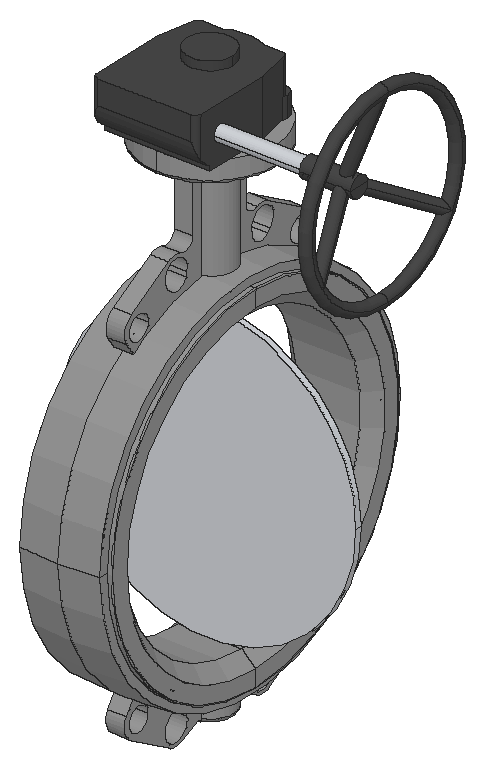
Revit family "Absperr- und Regulierklappe mit Getriebe ZF-4219", category Rohrzubehör, Revit 2020 (continued)
Automatic sketch dimensions
  Extrusion 8 sketch curve to Extrusion 8 sketch curve = 23.065 mm
  Extrusion 8 sketch curve to Extrusion 8 sketch curve = 18.283 mm
  Extrusion 8 sketch curve to Extrusion 8 sketch curve = 1.34 mm  (x2)
  Extrusion 8 sketch curve to Extrusion 8 sketch curve = 29.859 mm
  Extrusion 8 sketch curve to Extrusion 8 sketch curve = 11.576 mm
  Extrusion 8 sketch curve to Extrusion 8 sketch curve = 0.007 mm  (x2)
  Extrusion 8 sketch curve to Extrusion 8 sketch curve = 11.662 mm  (x2)
  Extrusion 8 sketch curve to Extrusion 8 sketch curve = 7.405 mm
  Extrusion 8 sketch curve to Extrusion 8 sketch curve = 9.76 mm  (x2)
  Extrusion 8 sketch curve to Extrusion 8 sketch curve = 46.144 mm
  Extrusion 8 sketch curve to Extrusion 8 sketch curve = 0.006 mm
  Extrusion 8 sketch curve to Extrusion 8 sketch curve = 0.159 mm  (x2)
  Extrusion 8 sketch curve to Extrusion 8 sketch curve = 0.225 mm  (x2)
  Extrusion 8 sketch curve to Extrusion 8 sketch curve = 3.156 mm
  Extrusion 7 sketch curve to Extrusion 7 sketch curve = 0 mm  (x29)
  Extrusion 7 sketch curve to level = 0 mm
  Extrusion 7 sketch curve to plane 1 "Mitte (Vorne/hinten)" = 0 mm
  Extrusion 7 sketch curve to Extrusion 7 sketch curve = 4.987 mm  (x2)
  plane 1 "Mitte (Vorne/hinten)" to Extrusion 7 sketch curve = 42.642 mm
  Extrusion 7 sketch curve to Extrusion 7 sketch curve = 3.28 mm  (x2)
  Extrusion 7 sketch curve to Extrusion 7 sketch curve = 14.935 mm  (x2)
  Extrusion 7 sketch curve to Extrusion 7 sketch curve = 11.589 mm  (x2)
  Extrusion 7 sketch curve to Extrusion 7 sketch curve = 14.868 mm  (x2)
  Extrusion 7 sketch curve to Extrusion 7 sketch curve = 33.628 mm  (x4)
  Extrusion 7 sketch curve to Extrusion 7 sketch curve = 3.946 mm  (x4)
  Extrusion 7 sketch curve to Extrusion 7 sketch curve = 12.021 mm  (x8)
  Extrusion 7 sketch curve to Extrusion 7 sketch curve = 8.075 mm  (x8)
  plane 1 "Mitte (Vorne/hinten)" to Extrusion 7 sketch curve = 21.03 mm
  Extrusion 7 sketch curve to Extrusion 7 sketch curve = 5.5 mm
  Extrusion 7 sketch curve to Extrusion 7 sketch curve = 0.54 mm  (x2)
  Extrusion 7 sketch curve to Extrusion 7 sketch curve = 0.103 mm
  Extrusion 7 sketch curve to Extrusion 7 sketch curve = 1.99 mm  (x2)
  plane 1 "Mitte (Vorne/hinten)" to Extrusion 7 sketch curve = 18.5 mm
  Extrusion 7 sketch curve to plane 1 "Mitte (Vorne/hinten)" = 18.5 mm  (x2)
  Extrusion 7 sketch curve to Extrusion 7 sketch curve = 1.897 mm
  Extrusion 7 sketch curve to Extrusion 7 sketch curve = 2 mm
  Extrusion 7 sketch curve to Extrusion 7 sketch curve = 21.612 mm
  Extrusion 7 sketch curve to level = 59.454 mm  (x2)
  Extrusion 7 sketch curve to Extrusion 7 sketch curve = 10.049 mm  (x4)
  Extrusion 7 sketch curve to Extrusion 7 sketch curve = 20.666 mm  (x2)
  Extrusion 7 sketch curve to Extrusion 7 sketch curve = 1.725 mm  (x2)
  Extrusion 7 sketch curve to Extrusion 7 sketch curve = 12.438 mm  (x4)
  level to Extrusion 7 sketch curve = 59.454 mm  (x2)
  Extrusion 7 sketch curve to Extrusion 7 sketch curve = 15.768 mm  (x2)
  Extrusion 7 sketch curve to Extrusion 7 sketch curve = 0.361 mm  (x2)
  Extrusion 7 sketch curve to Extrusion 7 sketch curve = 69.242 mm
  Extrusion 7 sketch curve to Extrusion 7 sketch curve = 0.014 mm
  Extrusion 7 sketch curve to Extrusion 7 sketch curve = 0.29 mm  (x2)
  Extrusion 6 sketch curve to Extrusion 6 sketch curve = 0 mm  (x31)
  Extrusion 6 sketch curve to level = 0 mm
  Extrusion 6 sketch curve to plane 1 "Mitte (Vorne/hinten)" = 0 mm
  plane 1 "Mitte (Vorne/hinten)" to Extrusion 6 sketch curve = 18.5 mm  (x2)
  Extrusion 6 sketch curve to Extrusion 6 sketch curve = 1.897 mm  (x2)
  Extrusion 6 sketch curve to Extrusion 6 sketch curve = 2 mm
  Extrusion 6 sketch curve to Extrusion 6 sketch curve = 4.154 mm  (x2)
  Extrusion 6 sketch curve to Extrusion 6 sketch curve = 5.603 mm
  Extrusion 6 sketch curve to Extrusion 6 sketch curve = 12 mm  (x2)
  Extrusion 6 sketch curve to Extrusion 6 sketch curve = 21.682 mm  (x2)
  Extrusion 6 sketch curve to Extrusion 6 sketch curve = 2.182 mm  (x2)
  Extrusion 6 sketch curve to Extrusion 6 sketch curve = 11.109 mm  (x4)
  Extrusion 6 sketch curve to Extrusion 6 sketch curve = 30.529 mm  (x4)
  Extrusion 6 sketch curve to Extrusion 6 sketch curve = 4.781 mm  (x4)
  Extrusion 6 sketch curve to Extrusion 6 sketch curve = 1.414 mm  (x8)
  Extrusion 6 sketch curve to Extrusion 6 sketch curve = 7.24 mm  (x8)
  Extrusion 6 sketch curve to Extrusion 6 sketch curve = 12.021 mm  (x8)
  Extrusion 6 sketch curve to plane 1 "Mitte (Vorne/hinten)" = 18.5 mm
  Extrusion 6 sketch curve to Extrusion 6 sketch curve = 7.5 mm
  Extrusion 6 sketch curve to Extrusion 6 sketch curve = 0.103 mm
  Extrusion 6 sketch curve to level = 50.036 mm  (x2)
  Extrusion 6 sketch curve to Extrusion 6 sketch curve = 17.112 mm  (x2)
  Extrusion 6 sketch curve to Extrusion 6 sketch curve = 9.185 mm  (x4)
  Extrusion 6 sketch curve to Extrusion 6 sketch curve = 20.608 mm  (x2)
  Extrusion 6 sketch curve to Extrusion 6 sketch curve = 12.868 mm  (x3)
  Extrusion 6 sketch curve to Extrusion 6 sketch curve = 9.096 mm  (x2)
  level to Extrusion 6 sketch curve = 50.036 mm  (x2)
  Extrusion 6 sketch curve to Extrusion 6 sketch curve = 17 mm
  Extrusion 6 sketch curve to Extrusion 6 sketch curve = 56.845 mm
  Extrusion 6 sketch curve to Extrusion 6 sketch curve = 0.017 mm
  Extrusion 6 sketch curve to Extrusion 6 sketch curve = 0.29 mm  (x2)
  Extrusion 5 sketch curve to Extrusion 5 sketch curve = 0 mm  (x25)
  Extrusion 5 sketch curve to level = 0 mm
  Extrusion 5 sketch curve to plane 1 "Mitte (Vorne/hinten)" = 0 mm
  plane 1 "Mitte (Vorne/hinten)" to Extrusion 5 sketch curve = 18.5 mm  (x2)
  Extrusion 5 sketch curve to Extrusion 5 sketch curve = 0.579 mm  (x2)
  Extrusion 5 sketch curve to Extrusion 5 sketch curve = 1.897 mm  (x2)
  Extrusion 5 sketch curve to Extrusion 5 sketch curve = 0.103 mm
  Extrusion 5 sketch curve to Extrusion 5 sketch curve = 5.603 mm
  Extrusion 5 sketch curve to Extrusion 5 sketch curve = 15.942 mm  (x4)
  Extrusion 5 sketch curve to Extrusion 5 sketch curve = 13 mm  (x2)
  Extrusion 5 sketch curve to Extrusion 5 sketch curve = 11.367 mm  (x4)
  Extrusion 5 sketch curve to Extrusion 5 sketch curve = 25.663 mm  (x4)
  Extrusion 5 sketch curve to Extrusion 5 sketch curve = 4.027 mm  (x4)
  Extrusion 5 sketch curve to Extrusion 5 sketch curve = 12.021 mm  (x5)
  Extrusion 5 sketch curve to Extrusion 5 sketch curve = 9.55 mm  (x4)
  Extrusion 5 sketch curve to Extrusion 5 sketch curve = 7.5 mm
  Extrusion 5 sketch curve to plane 1 "Mitte (Vorne/hinten)" = 18.5 mm  (x2)
  Extrusion 5 sketch curve to Extrusion 5 sketch curve = 2 mm
  Extrusion 5 sketch curve to level = 38.887 mm  (x2)
  Extrusion 5 sketch curve to Extrusion 5 sketch curve = 10.986 mm  (x3)
  Extrusion 5 sketch curve to Extrusion 5 sketch curve = 10.231 mm  (x3)
  Extrusion 5 sketch curve to Extrusion 5 sketch curve = 10.467 mm  (x4)
  Extrusion 5 sketch curve to Extrusion 5 sketch curve = 12.18 mm  (x2)
  Extrusion 5 sketch curve to Extrusion 5 sketch curve = 12.641 mm  (x4)
  Extrusion 5 sketch curve to Extrusion 5 sketch curve = 9.983 mm  (x2)
  level to Extrusion 5 sketch curve = 38.887 mm  (x2)
  Extrusion 5 sketch curve to Extrusion 5 sketch curve = 21.217 mm
  Extrusion 5 sketch curve to Extrusion 5 sketch curve = 16.969 mm  (x2)
  Extrusion 5 sketch curve to Extrusion 5 sketch curve = 51.117 mm
  Extrusion 5 sketch curve to Extrusion 5 sketch curve = 0.01 mm
  Extrusion 5 sketch curve to Extrusion 5 sketch curve = 0.29 mm  (x2)
  level to Extrusion 5 sketch curve = 49.873 mm
  Extrusion 4 sketch curve to Extrusion 4 sketch curve = 0 mm  (x28)
  Extrusion 4 sketch curve to level = 0 mm
  Extrusion 4 sketch curve to plane 1 "Mitte (Vorne/hinten)" = 0 mm
  plane 1 "Mitte (Vorne/hinten)" to Extrusion 4 sketch curve = 18.5 mm  (x2)
  Extrusion 4 sketch curve to Extrusion 4 sketch curve = 1.897 mm  (x2)
  Extrusion 4 sketch curve to Extrusion 4 sketch curve = 0.103 mm  (x2)
  Extrusion 4 sketch curve to Extrusion 4 sketch curve = 5.603 mm  (x2)
  Extrusion 4 sketch curve to Extrusion 4 sketch curve = 12.115 mm  (x4)
  Extrusion 4 sketch curve to Extrusion 4 sketch curve = 9 mm  (x2)
  Extrusion 4 sketch curve to Extrusion 4 sketch curve = 11.39 mm  (x2)
  Extrusion 4 sketch curve to Extrusion 4 sketch curve = 7.005 mm  (x2)
  Extrusion 4 sketch curve to Extrusion 4 sketch curve = 22.772 mm  (x4)
  Extrusion 4 sketch curve to Extrusion 4 sketch curve = 4.597 mm  (x4)
  Extrusion 4 sketch curve to Extrusion 4 sketch curve = 1.485 mm  (x4)
  Extrusion 4 sketch curve to Extrusion 4 sketch curve = 12.021 mm  (x4)
  Extrusion 4 sketch curve to Extrusion 4 sketch curve = 9.247 mm  (x4)
  Extrusion 4 sketch curve to plane 1 "Mitte (Vorne/hinten)" = 18.5 mm  (x2)
  Extrusion 4 sketch curve to level = 31.935 mm  (x2)
  Extrusion 4 sketch curve to Extrusion 4 sketch curve = 1.34 mm  (x4)
  Extrusion 4 sketch curve to Extrusion 4 sketch curve = 10.245 mm  (x4)
  Extrusion 4 sketch curve to Extrusion 4 sketch curve = 9.866 mm  (x4)
  Extrusion 4 sketch curve to Extrusion 4 sketch curve = 9.447 mm  (x4)
  Extrusion 4 sketch curve to Extrusion 4 sketch curve = 11.077 mm  (x4)
  Extrusion 4 sketch curve to Extrusion 4 sketch curve = 11.926 mm  (x2)
  level to Extrusion 4 sketch curve = 31.935 mm  (x2)
  Extrusion 4 sketch curve to Extrusion 4 sketch curve = 12.62 mm  (x2)
  Extrusion 4 sketch curve to Extrusion 4 sketch curve = 12.99 mm  (x2)
  Extrusion 4 sketch curve to Extrusion 4 sketch curve = 41.354 mm
  Extrusion 4 sketch curve to Extrusion 4 sketch curve = 0.018 mm
  Extrusion 4 sketch curve to Extrusion 4 sketch curve = 0.29 mm  (x2)
  Extrusion 3 sketch curve to Extrusion 3 sketch curve = 0 mm  (x23)
  Extrusion 3 sketch curve to level = 0 mm
  Extrusion 3 sketch curve to plane 1 "Mitte (Vorne/hinten)" = 0 mm
  plane 1 "Mitte (Vorne/hinten)" to Extrusion 3 sketch curve = 18 mm
  Extrusion 3 sketch curve to Extrusion 3 sketch curve = 1.897 mm  (x2)
  Extrusion 3 sketch curve to Extrusion 3 sketch curve = 0.103 mm  (x2)
  plane 1 "Mitte (Vorne/hinten)" to Extrusion 3 sketch curve = 22.391 mm
  Extrusion 3 sketch curve to Extrusion 3 sketch curve = 1.414 mm  (x14)
  Extrusion 3 sketch curve to Extrusion 3 sketch curve = 6.103 mm  (x2)
  Extrusion 3 sketch curve to Extrusion 3 sketch curve = 2 mm  (x2)
  Extrusion 3 sketch curve to Extrusion 3 sketch curve = 7.709 mm  (x4)
  Extrusion 3 sketch curve to Extrusion 3 sketch curve = 13.318 mm  (x5)
  Extrusion 3 sketch curve to Extrusion 3 sketch curve = 15.842 mm  (x5)
  Extrusion 3 sketch curve to Extrusion 3 sketch curve = 10.233 mm
  Extrusion 3 sketch curve to Extrusion 3 sketch curve = 3.184 mm  (x7)
  Extrusion 3 sketch curve to Extrusion 3 sketch curve = 6.315 mm  (x8)
  Extrusion 3 sketch curve to Extrusion 3 sketch curve = 3.021 mm  (x4)
  Extrusion 3 sketch curve to Extrusion 3 sketch curve = 5.303 mm  (x8)
  Extrusion 3 sketch curve to level = 23.805 mm  (x2)
  Extrusion 3 sketch curve to Extrusion 3 sketch curve = 3.106 mm  (x6)
  level to Extrusion 3 sketch curve = 23.805 mm  (x2)
  Extrusion 3 sketch curve to Extrusion 3 sketch curve = 6.654 mm  (x4)
  Extrusion 3 sketch curve to Extrusion 3 sketch curve = 9.77 mm  (x4)
  Extrusion 3 sketch curve to plane 1 "Mitte (Vorne/hinten)" = 18 mm
  Extrusion 3 sketch curve to plane 1 "Mitte (Vorne/hinten)" = 22.391 mm
  Extrusion 3 sketch curve to Extrusion 3 sketch curve = 5.708 mm  (x2)
  Extrusion 3 sketch curve to Extrusion 3 sketch curve = 3.131 mm
  level to Extrusion 3 sketch curve = 42.831 mm
  Extrusion 3 sketch curve to Extrusion 3 sketch curve = 4.045 mm
  Extrusion 3 sketch curve to Extrusion 3 sketch curve = 12.379 mm
  Extrusion 3 sketch curve to Extrusion 3 sketch curve = 68.43 mm
  Extrusion 3 sketch curve to Extrusion 3 sketch curve = 0.003 mm
  Extrusion 3 sketch curve to Extrusion 3 sketch curve = 0.316 mm  (x2)
  curve 12 to level = 0 mm
  curve 12 to plane 3 "Mitte (Links/rechts)" = 0 mm
  plane 1 "Mitte (Vorne/hinten)" to curve 6 = 0 mm
  curve 6 to plane 3 "Mitte (Links/rechts)" = 0 mm
  Revolve 1 sketch curve to plane 1 "Mitte (Vorne/hinten)" = 0 mm
  Revolve 1 sketch curve to Revolve 1 sketch curve = 0.987 mm
  Revolve 1 sketch curve to Revolve 1 sketch curve = 1.5 mm  (x4)
  Revolve 1 sketch curve to Revolve 1 sketch curve = 0.513 mm
  Revolve 1 sketch curve to Revolve 1 sketch curve = 0.915 mm  (x2)
  Revolve 1 sketch curve to Revolve 1 sketch curve = 1978.5 mm  (x2)
  Revolve 11 sketch curve to plane 1 "Mitte (Vorne/hinten)" = 0 mm  (x2)
  Revolve 11 sketch curve to Revolve 11 sketch curve = 3 mm
  Revolve 11 sketch curve to Revolve 11 sketch curve = 459.992 mm
  level to Revolve 11 sketch curve = 2741.474 mm
  Revolve 12 sketch curve to plane 1 "Mitte (Vorne/hinten)" = 0 mm  (x3)
  Revolve 12 sketch curve to Revolve 12 sketch curve = 1.895 mm
  Revolve 12 sketch curve to Revolve 12 sketch curve = 2 mm  (x2)
  Revolve 12 sketch curve to Revolve 12 sketch curve = 0.105 mm
  Revolve 12 sketch curve to level = 520.992 mm
  Revolve 12 sketch curve to Revolve 12 sketch curve = 2616.474 mm
  Revolve 13 sketch curve to level = 0 mm
  Revolve 13 sketch curve to Revolve 13 sketch curve = 1.492 mm
  Revolve 13 sketch curve to Revolve 13 sketch curve = 0.18 mm  (x2)
  Revolve 13 sketch curve to Revolve 13 sketch curve = 5.027 mm
  Revolve 13 sketch curve to Revolve 13 sketch curve = 1 mm
  Revolve 13 sketch curve to Revolve 13 sketch curve = 0.999 mm  (x2)
  Revolve 13 sketch curve to Revolve 13 sketch curve = 0.27 mm
  Revolve 13 sketch curve to Revolve 13 sketch curve = 0.957 mm
  Revolve 13 sketch curve to Revolve 13 sketch curve = 1328.99 mm
  Revolve 13 sketch curve to Revolve 13 sketch curve = 1875.983 mm
  Extrusion 14 sketch curve to level = 0 mm
  Extrusion 14 sketch curve to plane 3 "Mitte (Links/rechts)" = 0 mm
  radius of Extrusion 10 sketch curve = 12 mm  (x4)
  radius of Extrusion 9 sketch curve = 9.5 mm  (x4)
  radius of Extrusion 9 sketch curve = 14 mm  (x4)
  radius of Extrusion 7 sketch curve = 11.5 mm  (x4)
  radius of Extrusion 7 sketch curve = 9.5 mm  (x4)
  radius of Extrusion 6 sketch curve = 9.5 mm  (x8)
  radius of Extrusion 5 sketch curve = 9.5 mm  (x8)
  radius of Extrusion 4 sketch curve = 9.5 mm  (x8)
  radius of curve 12 = 7 mm
  radius of curve 6 = 5 mm
Nested families
  nested 1: "Herz-Logo-vorne" at (-23, 0, 197.5), type "Herz-Logo-vorne"
  nested 2: "Getriebe für Klappe DN50-DN200" at (0, 0, 125), visible <- "DN 50", type "Getriebe für Klappe DN50-DN200"
  nested 3: "Getriebe für Klappe DN50-DN200" at (0, 0, 149.5), visible <- "DN 65", type "Getriebe für Klappe DN50-DN200"
  nested 4: "Getriebe für Klappe DN50-DN200" at (0, 0, 156.5), visible <- "DN 80", type "Getriebe für Klappe DN50-DN200"
  nested 5: "Getriebe für Klappe DN50-DN200" at (0, 0, 182), visible <- "DN100", type "Getriebe für Klappe DN50-DN200"
  nested 6: "Getriebe für Klappe DN50-DN200" at (0, 0, 201), visible <- "DN125", type "Getriebe für Klappe DN50-DN200"
  nested 7: "Getriebe für Klappe DN50-DN200" at (0, 0, 214), visible <- "DN150", type "Getriebe für Klappe DN50-DN200"
  nested 8: "Getriebe für Klappe DN50-DN200" at (0, 0, 245), visible <- "DN200", type "Getriebe für Klappe DN50-DN200"
  nested 9: "Getriebe für Klappe DN250-DN300" at (0, 0, 283), visible <- "DN250", type "Getriebe für Klappe DN250-DN300"
  nested 10: "Getriebe für Klappe DN250-DN300" at (0, 0, 308), visible <- "DN300", type "Getriebe für Klappe DN250-DN300"
Connectors
  piping at (44.7, 0, 0), diameter 300, driven by "Nennweite"
    settings: on Revolve 13, index 1, connector inside diameter 609.6 mm, connector length 0 mm, flow factor 0, pipe flow 0.0 L/s, pressure drop 0.0 Pa, fitting loss kfactor 0, connector angle 0.00°, fixture units 0, engagement length 0 mm, angle of deflection 0.00°, flow configuration 0, flow direction 0, fitting loss method 0, system type 29, joint type 0, gender type 0, connector reference index -1, connector utility 0, adjustable connector no, is connector primary yes, connector description ""
  piping at (-44.7, 0, 0), diameter 300, driven by "Nennweite"
    settings: on Revolve 13, index 2, connector inside diameter 609.6 mm, connector length 0 mm, flow factor 0, pipe flow 0.0 L/s, pressure drop 0.0 Pa, fitting loss kfactor 0, connector angle 0.00°, fixture units 0, engagement length 0 mm, angle of deflection 0.00°, flow configuration 0, flow direction 0, fitting loss method 0, system type 29, joint type 0, gender type 0, connector reference index -1, connector utility 0, adjustable connector no, is connector primary no, connector description ""
Definition of nested family "Herz-Logo-vorne"
  Parameters (values of type "Herz-Logo-vorne")
    Default Elevation = 0 mm
  Reference planes
    plane 1 "Mitte (Vorne/hinten)": y = 0
    plane 2: z = 0
    plane 3 "Mitte (Links/rechts)": x = 0
  Forms (mm)
    Extrusion 1, solid
      sketch origin (0.732, -0.018, 0.017) x (0, -1, 0) y (0, 0, 1)
        loop
          line (-0.018, -4.517) -> (4.482, -4.517) -> (4.482, 4.483) -> (-4.518, 4.483) -> (-4.518, -4.517) -> (-0.018, -4.517)
        loop
          line (-0.05, -3.48) -> (3.482, -3.48) -> (3.482, 3.483) -> (-3.518, 3.483) -> (-3.518, -3.48) -> (-0.05, -3.48)
        loop
          arc (-0.018, 2.383) -> (-1.543, 3.287) -> (-3.067, 2.383) r 1.738
          arc (-3.067, 2.383) -> (-3.191, 1.899) -> (-3.067, 1.415) r 1.009
          line (-3.067, 1.415) -> (-0.018, -3.281) -> (3.032, 1.415)
          arc (3.032, 1.415) -> (3.156, 1.899) -> (3.032, 2.383) r 1.009
          arc (3.032, 2.383) -> (1.507, 3.287) -> (-0.018, 2.383) r 1.738
        loop
          arc (1.885, 1.272) -> (2.005, 1.675) -> (1.885, 2.079) r 0.74
          arc (1.885, 2.079) -> (1.265, 2.416) -> (0.644, 2.079) r 0.74
          line (0.644, 2.079) -> (-0.018, 0.97) -> (-0.679, 2.079)
          arc (-0.679, 2.079) -> (-1.3, 2.416) -> (-1.921, 2.079) r 0.74
          arc (-1.921, 2.079) -> (-2.04, 1.675) -> (-1.921, 1.272) r 0.74
          line (-1.921, 1.272) -> (-0.018, -1.658) -> (1.885, 1.272)
      from 0 to 1.5
  Dimensions and locks
    aligned and locked: level to plane 2
Definition of nested family "Getriebe für Klappe DN50-DN200"
  Parameters (values of type "Getriebe für Klappe DN50-DN200")
    W01 = 11.19°  # constant formula
    Default Elevation = 0 mm
    URL = "www.herz-armaturen.at"
    R07 = 92 mm  # constant formula
    R06 = 6 mm  # constant formula
    R05 = 10 mm  # constant formula
    R04 = 7.5 mm  # constant formula
    R03 = 10.5 mm  # constant formula
    R02 = 5.4 mm  # constant formula
    R01 = 44.9 mm  # constant formula
    M01 = 37 mm  # constant formula
    L03 = 52 mm  # constant formula
    L02 = 39.6 mm  # constant formula
    L01 = 80 mm  # constant formula
    Manufacturer = "Herz-Armaturen GmbH"  # constant formula
    H03 = 28.6 mm  # constant formula
    H02 = 20 mm  # constant formula
    H01 = 54 mm  # constant formula
    B05 = 209 mm  # constant formula
    B04 = 22 mm  # constant formula
    B03 = 50 mm  # constant formula
    B02 = 159 mm  # constant formula
    B01 = 51 mm  # constant formula
    A01 = 28.6 mm  # constant formula
  Reference planes
    plane 1 "Mitte (Vorne/hinten)": y = 0
    plane 2: z = 0
    plane 3 "Mitte (Links/rechts)": x = 0
  Forms (mm)
    Extrusion 1, solid, detail levels fine
      sketch origin (0, 0, 0) x (1, 0, 0) y (0, 1, 0)
        loop
          line (51, 0) -> (43.999, 35.392)
          arc (43.999, 35.392) -> (42.103, 38.419) -> (38.732, 39.6) r 5.4
          line (38.732, 39.6) -> (20.252, 39.6)
          arc (20.252, 39.6) -> (0, 44.427) -> (-20.252, 39.6) r 44.9
          line (-20.252, 39.6) -> (-38.732, 39.6)
          arc (-38.732, 39.6) -> (-42.103, 38.419) -> (-43.999, 35.392) r 5.4
          line (-43.999, 35.392) -> (-51, 0) -> (-51, -74.6)
          arc (-51, -74.6) -> (-49.418, -78.418) -> (-45.6, -80) r 5.4
          line (-45.6, -80) -> (45.6, -80)
          arc (45.6, -80) -> (49.418, -78.418) -> (51, -74.6) r 5.4
          line (51, -74.6) -> (51, 0)
      from 0 to 54
    Extrusion 2, solid, detail levels fine
      sketch origin (0, 0, 0) x (1, 0, 0) y (0, 1, 0)
        loop
          circle (-35.7, 37) r 10.5
        loop
          circle (35.7, 37) r 10.5
      from 0 to 20
    Extrusion 3, void
      sketch origin (0, 0, 0) x (0, 1, 0) y (0, 0, 1)
        loop
          line (-80, 0) -> (-64.573, 0) -> (-64.573, 4.9)
          arc (-64.573, 4.9) -> (-75.841, 15.433) -> (-80, 30.286) r 28.6
          line (-80, 30.286) -> (-80, 0)
      from -51 to 51
    Revolve 4, solid, detail levels fine
      sketch origin (0, 0, 28.6) x (1, 0, 0) y (0, 1, 0)
        loop
          line (0, -52) -> (0, -59.5) -> (159, -59.5) -> (159, -52) -> (0, -52)
        axis (0, -52) -> (159, -52)
      angle from 0 to 360
    Extrusion 5, solid, detail levels fine
      sketch origin (0, 0, 0) x (1, 0, 0) y (0, 1, 0)
        loop
          circle (0, 0) r 22.3
      from 54 to 63
    Revolve 6, solid, detail levels fine
      sketch origin (0, -52, 28.6) x (1, 0, 0) y (0, 0, 1)
        loop
          circle (209, 92) r 6
        axis (203, 0) -> (215, 0)
      angle from 0 to 360
    Revolve 7, solid, detail levels fine
      sketch origin (0, -52, 0) x (1, 0, 0) y (0, 0, 1)
        loop
          line (209, 120.6) -> (172, 28.6) -> (177.567, 26.361) -> (214.567, 118.361) -> (209, 120.6)
        axis (172, 28.6) -> (209, 120.6)
      angle from 0 to 360
    Revolve 8, solid, detail levels fine
      sketch origin (0, 0, 28.6) x (1, 0, 0) y (0, 1, 0)
        loop
          line (137, -59.5) -> (137, -62) -> (187, -62) -> (187, -52) -> (159, -52) -> (159, -59.5) -> (137, -59.5)
        axis (137, -52) -> (187, -52)
      angle from 0 to 360
    Revolve 9, solid, detail levels fine
      sketch origin (0, -27.232, 42.9) x (1, 0, 0) y (0, -0.866025, -0.5)
        loop
          line (209, 120.6) -> (172, 28.6) -> (177.567, 26.361) -> (214.567, 118.361) -> (209, 120.6)
        axis (172, 28.6) -> (209, 120.6)
      angle from 0 to 360
    Revolve 10, solid, detail levels fine
      sketch origin (0, -76.768, 42.9) x (1, 0, 0) y (0, 0.866025, -0.5)
        loop
          line (209, 120.6) -> (172, 28.6) -> (177.567, 26.361) -> (214.567, 118.361) -> (209, 120.6)
        axis (172, 28.6) -> (209, 120.6)
      angle from 0 to 360
  Cuts and joins
    Extrusion 3 cuts Extrusion 1
  Dimensions and locks
    "B01": Extrusion 1 sketch curve to plane 3 "Mitte (Links/rechts)"
    "B01": plane 3 "Mitte (Links/rechts)" to Extrusion 1 sketch curve
    "L02": plane 1 "Mitte (Vorne/hinten)" to Extrusion 1 sketch curve  (x2)
    "L01": Extrusion 1 sketch curve to plane 1 "Mitte (Vorne/hinten)"
    "M01": plane 1 "Mitte (Vorne/hinten)" to Extrusion 2 sketch curve  (x2)
    "H01": Extrusion 1 to plane 2
    "H02": Extrusion 2 to plane 2
    "L03": Revolve 4 sketch curve to plane 1 "Mitte (Vorne/hinten)"
    "R04": Revolve 4 sketch curve to Revolve 4 sketch curve
    "B02": Revolve 4 sketch curve to Revolve 4 sketch curve
    "H03": Revolve 8 to plane 2
    "H03": Revolve 4 to plane 2
    "L03": Revolve 8 sketch curve to plane 1 "Mitte (Vorne/hinten)"
    "B02": plane 3 "Mitte (Links/rechts)" to Revolve 8 sketch curve
    "R05": Revolve 8 sketch curve to Revolve 8 sketch curve
    "B03": Revolve 8 sketch curve to Revolve 8 sketch curve
    "B04": Revolve 8 sketch curve to Revolve 8 sketch curve
    "R04": Revolve 8 sketch curve to Revolve 8 sketch curve
    "B05": Revolve 6 sketch curve to plane 3 "Mitte (Links/rechts)"
    "R07": Revolve 6 sketch curve to Revolve 6 sketch curve
    "A01": plane 2 to Revolve 6 sketch curve
    "R02": radius of Extrusion 1 sketch curve  (x4)
    "R01": radius of Extrusion 1 sketch curve
    "R03": radius of Extrusion 2 sketch curve  (x2)
    "R06": radius of Revolve 6 sketch curve
    "W01": angle Extrusion 1 sketch curve to Extrusion 1 sketch curve  (x2)
    aligned and locked: level to plane 2
  Automatic sketch dimensions
    Extrusion 3 sketch curve to level = 0 mm
    plane 1 "Mitte (Vorne/hinten)" to Extrusion 3 sketch curve = 80 mm
    Extrusion 3 sketch curve to Extrusion 3 sketch curve = 15.427 mm
    Extrusion 3 sketch curve to Extrusion 3 sketch curve = 13.173 mm
    level to Extrusion 3 sketch curve = 4.9 mm
    plane 1 "Mitte (Vorne/hinten)" to Extrusion 5 sketch curve = 0 mm
    Extrusion 5 sketch curve to plane 3 "Mitte (Links/rechts)" = 0 mm
    level to Revolve 7 sketch curve = 28.6 mm  (x2)
    plane 3 "Mitte (Links/rechts)" to Revolve 7 sketch curve = 172 mm
    level to Revolve 7 sketch curve = 26.361 mm
    Revolve 7 sketch curve to Revolve 7 sketch curve = 5.567 mm
    level to Revolve 7 sketch curve = 120.6 mm
    Revolve 7 sketch curve to Revolve 7 sketch curve = 0 mm  (x3)
    plane 3 "Mitte (Links/rechts)" to Revolve 10 sketch curve = 172 mm
    Revolve 10 sketch curve to Revolve 10 sketch curve = 5.567 mm
    Revolve 10 sketch curve to Revolve 10 sketch curve = 37 mm
    Revolve 10 sketch curve to Revolve 10 sketch curve = 2.239 mm
    Revolve 10 sketch curve to Revolve 10 sketch curve = 0 mm  (x4)
    plane 3 "Mitte (Links/rechts)" to Revolve 9 sketch curve = 172 mm
    Revolve 9 sketch curve to Revolve 9 sketch curve = 5.567 mm
    Revolve 9 sketch curve to Revolve 9 sketch curve = 37 mm
    Revolve 9 sketch curve to Revolve 9 sketch curve = 2.239 mm
    Revolve 9 sketch curve to Revolve 9 sketch curve = 0 mm  (x4)
    Extrusion 1 sketch curve to plane 3 "Mitte (Links/rechts)" = 0 mm
    plane 1 "Mitte (Vorne/hinten)" to Extrusion 1 sketch curve = 0 mm  (x2)
    Extrusion 1 sketch curve to plane 1 "Mitte (Vorne/hinten)" = 35.392 mm
    Extrusion 1 sketch curve to Extrusion 1 sketch curve = 18.48 mm  (x2)
    Extrusion 2 sketch curve to plane 3 "Mitte (Links/rechts)" = 35.7 mm
    plane 3 "Mitte (Links/rechts)" to Extrusion 2 sketch curve = 35.7 mm
    Revolve 4 sketch curve to plane 3 "Mitte (Links/rechts)" = 0 mm  (x2)
    Revolve 4 sketch curve to Revolve 4 sketch curve = 0 mm  (x2)
    Revolve 6 sketch curve to plane 3 "Mitte (Links/rechts)" = 1506.53 mm
    Revolve 6 sketch curve to Revolve 6 sketch curve = 1630.148 mm
    Revolve 8 sketch curve to Revolve 8 sketch curve = 7.5 mm
    Revolve 8 sketch curve to Revolve 8 sketch curve = 0 mm  (x2)
    radius of Extrusion 5 sketch curve = 22.3 mm
Definition of nested family "Getriebe für Klappe DN250-DN300"
  Parameters (values of type "Getriebe für Klappe DN250-DN300")
    W01 = 11.19°  # constant formula
    Default Elevation = 0 mm
    URL = "www.herz-armaturen.at"
    R07 = 92 mm  # constant formula
    R06 = 6 mm  # constant formula
    R05 = 10 mm  # constant formula
    R04 = 7.5 mm  # constant formula
    R03 = 10.5 mm  # constant formula
    R02 = 5.4 mm  # constant formula
    R01 = 44.9 mm  # constant formula
    M01 = 37 mm  # constant formula
    L03 = 52 mm  # constant formula
    L02 = 39.6 mm  # constant formula
    L01 = 80 mm  # constant formula
    Manufacturer = "Herz-Armaturen GmbH"  # constant formula
    H03 = 28.6 mm  # constant formula
    H02 = 20 mm  # constant formula
    H01 = 54 mm  # constant formula
    B05 = 209 mm  # constant formula
    B04 = 22 mm  # constant formula
    B03 = 50 mm  # constant formula
    B02 = 159 mm  # constant formula
    B01 = 51 mm  # constant formula
    A01 = 28.6 mm  # constant formula
  Reference planes
    plane 1 "Mitte (Vorne/hinten)": y = 0
    plane 2: z = 0
    plane 3 "Mitte (Links/rechts)": x = 0
  Forms (mm)
    Extrusion 1, solid, detail levels fine
      sketch origin (0, 0, 0) x (1, 0, 0) y (0, 1, 0)
        loop
          line (51, 0) -> (43.999, 35.392)
          arc (43.999, 35.392) -> (42.103, 38.419) -> (38.732, 39.6) r 5.4
          line (38.732, 39.6) -> (20.252, 39.6)
          arc (20.252, 39.6) -> (0, 44.427) -> (-20.252, 39.6) r 44.9
          line (-20.252, 39.6) -> (-38.732, 39.6)
          arc (-38.732, 39.6) -> (-42.103, 38.419) -> (-43.999, 35.392) r 5.4
          line (-43.999, 35.392) -> (-51, 0) -> (-51, -74.6)
          arc (-51, -74.6) -> (-49.418, -78.418) -> (-45.6, -80) r 5.4
          line (-45.6, -80) -> (45.6, -80)
          arc (45.6, -80) -> (49.418, -78.418) -> (51, -74.6) r 5.4
          line (51, -74.6) -> (51, 0)
      from 0 to 54
    Extrusion 2, solid, detail levels fine
      sketch origin (0, 0, 0) x (1, 0, 0) y (0, 1, 0)
        loop
          circle (-35.7, 37) r 10.5
        loop
          circle (35.7, 37) r 10.5
      from 0 to 20
    Extrusion 3, void
      sketch origin (0, 0, 0) x (0, 1, 0) y (0, 0, 1)
        loop
          line (-80, 0) -> (-64.573, 0) -> (-64.573, 4.9)
          arc (-64.573, 4.9) -> (-75.841, 15.433) -> (-80, 30.286) r 28.6
          line (-80, 30.286) -> (-80, 0)
      from -51 to 51
    Revolve 4, solid, detail levels fine
      sketch origin (0, 0, 28.6) x (1, 0, 0) y (0, 1, 0)
        loop
          line (0, -52) -> (0, -59.5) -> (159, -59.5) -> (159, -52) -> (0, -52)
        axis (0, -52) -> (159, -52)
      angle from 0 to 360
    Extrusion 5, solid, detail levels fine
      sketch origin (0, 0, 0) x (1, 0, 0) y (0, 1, 0)
        loop
          circle (0, 0) r 22.3
      from 54 to 62.5
    Revolve 6, solid, detail levels fine
      sketch origin (0, -52, 28.6) x (1, 0, 0) y (0, 0, 1)
        loop
          circle (209, 92) r 6
        axis (203, 0) -> (215, 0)
      angle from 0 to 360
    Revolve 7, solid, detail levels fine
      sketch origin (0, -52, 0) x (1, 0, 0) y (0, 0, 1)
        loop
          line (209, 120.6) -> (172, 28.6) -> (177.567, 26.361) -> (214.567, 118.361) -> (209, 120.6)
        axis (172, 28.6) -> (209, 120.6)
      angle from 0 to 360
    Revolve 8, solid, detail levels fine
      sketch origin (0, 0, 28.6) x (1, 0, 0) y (0, 1, 0)
        loop
          line (137, -59.5) -> (137, -62) -> (187, -62) -> (187, -52) -> (159, -52) -> (159, -59.5) -> (137, -59.5)
        axis (137, -52) -> (187, -52)
      angle from 0 to 360
    Revolve 9, solid, detail levels fine
      sketch origin (0, -27.232, 42.9) x (1, 0, 0) y (0, -0.866025, -0.5)
        loop
          line (209, 120.6) -> (172, 28.6) -> (177.567, 26.361) -> (214.567, 118.361) -> (209, 120.6)
        axis (172, 28.6) -> (209, 120.6)
      angle from 0 to 360
    Revolve 10, solid, detail levels fine
      sketch origin (0, -76.768, 42.9) x (1, 0, 0) y (0, 0.866025, -0.5)
        loop
          line (209, 120.6) -> (172, 28.6) -> (177.567, 26.361) -> (214.567, 118.361) -> (209, 120.6)
        axis (172, 28.6) -> (209, 120.6)
      angle from 0 to 360
  Cuts and joins
    Extrusion 3 cuts Extrusion 1
  Dimensions and locks
    "B01": Extrusion 1 sketch curve to plane 3 "Mitte (Links/rechts)"
    "B01": plane 3 "Mitte (Links/rechts)" to Extrusion 1 sketch curve
    "L02": plane 1 "Mitte (Vorne/hinten)" to Extrusion 1 sketch curve  (x2)
    "L01": Extrusion 1 sketch curve to plane 1 "Mitte (Vorne/hinten)"
    "M01": plane 1 "Mitte (Vorne/hinten)" to Extrusion 2 sketch curve  (x2)
    "H01": Extrusion 1 to plane 2
    "H02": Extrusion 2 to plane 2
    "L03": Revolve 4 sketch curve to plane 1 "Mitte (Vorne/hinten)"
    "R04": Revolve 4 sketch curve to Revolve 4 sketch curve
    "B02": Revolve 4 sketch curve to Revolve 4 sketch curve
    "H03": Revolve 8 to plane 2
    "H03": Revolve 4 to plane 2
    "L03": Revolve 8 sketch curve to plane 1 "Mitte (Vorne/hinten)"
    "B02": plane 3 "Mitte (Links/rechts)" to Revolve 8 sketch curve
    "R05": Revolve 8 sketch curve to Revolve 8 sketch curve
    "B03": Revolve 8 sketch curve to Revolve 8 sketch curve
    "B04": Revolve 8 sketch curve to Revolve 8 sketch curve
    "R04": Revolve 8 sketch curve to Revolve 8 sketch curve
    "B05": Revolve 6 sketch curve to plane 3 "Mitte (Links/rechts)"
    "R07": Revolve 6 sketch curve to Revolve 6 sketch curve
    "A01": plane 2 to Revolve 6 sketch curve
    "R02": radius of Extrusion 1 sketch curve  (x4)
    "R01": radius of Extrusion 1 sketch curve
    "R03": radius of Extrusion 2 sketch curve  (x2)
    "R06": radius of Revolve 6 sketch curve
    "W01": angle Extrusion 1 sketch curve to Extrusion 1 sketch curve  (x2)
    aligned and locked: level to plane 2
  Automatic sketch dimensions
    Extrusion 3 sketch curve to level = 0 mm
    plane 1 "Mitte (Vorne/hinten)" to Extrusion 3 sketch curve = 80 mm
    Extrusion 3 sketch curve to Extrusion 3 sketch curve = 15.427 mm
    Extrusion 3 sketch curve to Extrusion 3 sketch curve = 13.173 mm
    level to Extrusion 3 sketch curve = 4.9 mm
    plane 1 "Mitte (Vorne/hinten)" to Extrusion 5 sketch curve = 0 mm
    Extrusion 5 sketch curve to plane 3 "Mitte (Links/rechts)" = 0 mm
    level to Revolve 7 sketch curve = 28.6 mm  (x2)
    plane 3 "Mitte (Links/rechts)" to Revolve 7 sketch curve = 172 mm
    level to Revolve 7 sketch curve = 26.361 mm
    Revolve 7 sketch curve to Revolve 7 sketch curve = 5.567 mm
    level to Revolve 7 sketch curve = 120.6 mm
    Revolve 7 sketch curve to Revolve 7 sketch curve = 0 mm  (x3)
    plane 3 "Mitte (Links/rechts)" to Revolve 10 sketch curve = 172 mm
    Revolve 10 sketch curve to Revolve 10 sketch curve = 5.567 mm
    Revolve 10 sketch curve to Revolve 10 sketch curve = 37 mm
    Revolve 10 sketch curve to Revolve 10 sketch curve = 2.239 mm
    Revolve 10 sketch curve to Revolve 10 sketch curve = 0 mm  (x4)
    plane 3 "Mitte (Links/rechts)" to Revolve 9 sketch curve = 172 mm
    Revolve 9 sketch curve to Revolve 9 sketch curve = 5.567 mm
    Revolve 9 sketch curve to Revolve 9 sketch curve = 37 mm
    Revolve 9 sketch curve to Revolve 9 sketch curve = 2.239 mm
    Revolve 9 sketch curve to Revolve 9 sketch curve = 0 mm  (x4)
    Extrusion 1 sketch curve to plane 3 "Mitte (Links/rechts)" = 0 mm
    plane 1 "Mitte (Vorne/hinten)" to Extrusion 1 sketch curve = 0 mm  (x2)
    Extrusion 1 sketch curve to plane 1 "Mitte (Vorne/hinten)" = 35.392 mm
    Extrusion 1 sketch curve to Extrusion 1 sketch curve = 18.48 mm  (x2)
    Extrusion 2 sketch curve to plane 3 "Mitte (Links/rechts)" = 35.7 mm
    plane 3 "Mitte (Links/rechts)" to Extrusion 2 sketch curve = 35.7 mm
    Revolve 4 sketch curve to plane 3 "Mitte (Links/rechts)" = 0 mm  (x2)
    Revolve 4 sketch curve to Revolve 4 sketch curve = 0 mm  (x2)
    Revolve 6 sketch curve to plane 3 "Mitte (Links/rechts)" = 1506.53 mm
    Revolve 6 sketch curve to Revolve 6 sketch curve = 1630.148 mm
    Revolve 8 sketch curve to Revolve 8 sketch curve = 7.5 mm
    Revolve 8 sketch curve to Revolve 8 sketch curve = 0 mm  (x2)
    radius of Extrusion 5 sketch curve = 22.3 mm
